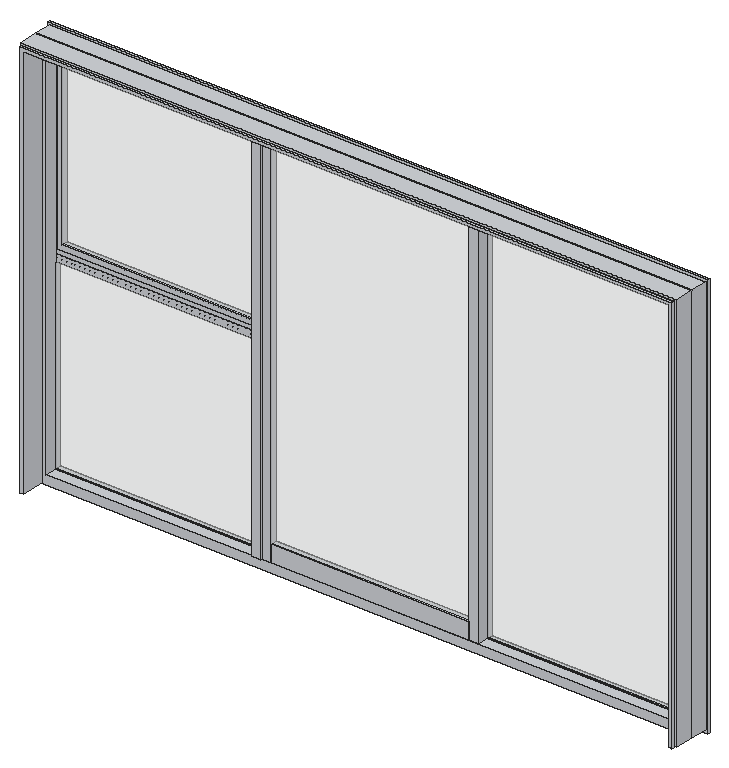
Revit family "APL Residential Thermal Heart Sliding Door FSF with Sidelight", category Doors, host Wall, Revit 2017 (continued)
Definition of nested family "APL Residential Thermal Heart Sliding Door FSF with Sidelight Vertical Section"
  Definition of nested family "Head Sash"
    Definition of nested family "65400_Frame Head"
      Lines and regions (mm)
        detail lines, in view "Ref. Level"
          curve 33: arc (24.001, 0.474, 0) -> (24.117, 0.738, 0) -> (24.403, 0.782, 0) r 0.3
          curve 34: arc (25.813, 0.268, 0) -> (25.939, 0.181, 0) -> (26.005, 0.043, 0) r 0.3
          curve 35: arc (26.005, 0.043, 0) -> (26.278, -0.199, 0) -> (26.583, 0, 0) r 0.3
          curve 36: arc (28.9, 0, 0) -> (29.254, -0.146, 0) -> (29.4, -0.5, 0) r 0.5
          curve 37: arc (29.4, -6.1, 0) -> (29.546, -6.454, 0) -> (29.9, -6.6, 0) r 0.499
          curve 38: arc (37.767, -6.6, 0) -> (38.931, -6.835, 0) -> (39.913, -7.503, 0) r 2.996
          curve 39: arc (39.913, -7.503, 0) -> (40.232, -7.73, 0) -> (40.611, -7.831, 0) r 1.1
          curve 40: arc (68.1, -8.9, 0) -> (68.241, -8.841, 0) -> (68.3, -8.7, 0) r 0.2
          curve 41: arc (68.3, -0.5, 0) -> (68.446, -0.146, 0) -> (68.8, 0, 0) r 0.5
          curve 42: arc (71.117, 0, 0) -> (71.422, -0.199, 0) -> (71.695, 0.043, 0) r 0.3
          curve 43: arc (71.695, 0.043, 0) -> (71.761, 0.181, 0) -> (71.887, 0.268, 0) r 0.3
          curve 44: arc (73.297, 0.782, 0) -> (73.583, 0.738, 0) -> (73.699, 0.474, 0) r 0.3
          curve 45: arc (73.492, -1.892, 0) -> (73.465, -1.992, 0) -> (73.405, -2.078, 0) r 0.3
          curve 46: arc (73.041, -2.441, 0) -> (72.848, -2.493, 0) -> (72.707, -2.352, 0) r 0.2
          curve 47: arc (72.662, -2.184, 0) -> (72.61, -2.095, 0) -> (72.521, -2.043, 0) r 0.2
          curve 48: arc (70.378, -1.51, 0) -> (70.036, -1.657, 0) -> (70.1, -2.024, 0) r 0.3
          curve 49: arc (70.1, -2.024, 0) -> (70.174, -2.125, 0) -> (70.2, -2.247, 0) r 0.3
          curve 50: arc (70.006, -6.25, 0) -> (70.042, -6.422, 0) -> (70.2, -6.5, 0) r 0.2
          curve 51: arc (70.721, -6.5, 0) -> (70.802, -6.489, 0) -> (70.877, -6.456, 0) r 0.3
          curve 52: arc (72.131, -5.691, 0) -> (72.137, -5.498, 0) -> (72.28, -5.367, 0) r 0.25
          curve 53: arc (72.28, -5.367, 0) -> (72.55, -5.321, 0) -> (72.7, -5.55, 0) r 0.25
          curve 54: arc (72.7, -7.124, 0) -> (72.618, -7.522, 0) -> (72.385, -7.854, 0) r 1
          curve 55: arc (72.385, -7.854, 0) -> (72.322, -8, 0) -> (72.385, -8.146, 0) r 0.2
          curve 56: arc (72.385, -8.146, 0) -> (72.618, -8.477, 0) -> (72.7, -8.874, 0) r 1
          curve 57: arc (72.7, -10.449, 0) -> (72.573, -10.668, 0) -> (72.32, -10.663, 0) r 0.25
          curve 58: arc (72.234, -10.611, 0) -> (72.128, -10.479, 0) -> (72.131, -10.309, 0) r 0.25
          curve 59: arc (70.877, -9.544, 0) -> (70.802, -9.511, 0) -> (70.721, -9.5, 0) r 0.3
          curve 60: arc (70.2, -9.5, 0) -> (70.042, -9.578, 0) -> (70.006, -9.75, 0) r 0.2
          curve 61: arc (70.2, -13.753, 0) -> (70.174, -13.876, 0) -> (70.1, -13.976, 0) r 0.3
          curve 62: arc (70.1, -13.976, 0) -> (70.02, -14.307, 0) -> (70.3, -14.5, 0) r 0.3
          curve 63: arc (72.521, -13.957, 0) -> (72.61, -13.905, 0) -> (72.662, -13.816, 0) r 0.2
          curve 64: arc (72.707, -13.648, 0) -> (72.848, -13.507, 0) -> (73.041, -13.559, 0) r 0.2
          curve 65: arc (73.405, -13.922, 0) -> (73.465, -14.008, 0) -> (73.492, -14.108, 0) r 0.3
          curve 66: arc (73.699, -16.474, 0) -> (73.583, -16.738, 0) -> (73.297, -16.782, 0) r 0.3
          curve 67: arc (71.887, -16.268, 0) -> (71.761, -16.181, 0) -> (71.695, -16.043, 0) r 0.3
          curve 68: arc (71.695, -16.043, 0) -> (71.422, -15.801, 0) -> (71.117, -16, 0) r 0.3
          curve 69: arc (66.201, -16, 0) -> (65.847, -16.146, 0) -> (65.7, -16.5, 0) r 0.5
          curve 70: arc (65.7, -25.519, 0) -> (65.922, -26.994, 0) -> (66.57, -28.337, 0) r 5
          curve 71: arc (66.57, -28.337, 0) -> (67.411, -30.083, 0) -> (67.7, -32, 0) r 6.5
          curve 72: arc (67.7, -33.1, 0) -> (67.759, -33.241, 0) -> (67.9, -33.3, 0) r 0.2
          curve 73: arc (69.3, -33.3, 0) -> (69.441, -33.241, 0) -> (69.5, -33.1, 0) r 0.2
          curve 74: arc (69.5, -32.8, 0) -> (70, -32.299, 0) -> (70.5, -32.8, 0) r 0.5
          curve 75: arc (70.5, -35.351, 0) -> (69.999, -35.85, 0) -> (69.5, -35.35, 0) r 0.5
          curve 76: arc (69.5, -34.5, 0) -> (69.441, -34.359, 0) -> (69.3, -34.3, 0) r 0.2
          curve 77: arc (67.9, -34.3, 0) -> (67.759, -34.359, 0) -> (67.7, -34.5, 0) r 0.2
          curve 78: arc (67.7, -41.8, 0) -> (67.759, -41.941, 0) -> (67.9, -42, 0) r 0.2
          curve 79: arc (69.3, -42, 0) -> (69.441, -41.941, 0) -> (69.5, -41.8, 0) r 0.2
          curve 80: arc (69.5, -40.95, 0) -> (70, -40.449, 0) -> (70.5, -40.95, 0) r 0.5
          curve 81: arc (70.5, -42.499, 0) -> (70.354, -42.853, 0) -> (70, -43, 0) r 0.5
          curve 82: arc (42.7, -43, 0) -> (42.559, -42.941, 0) -> (42.5, -42.8, 0) r 0.2
          curve 83: arc (42.5, -41.25, 0) -> (43, -40.749, 0) -> (43.5, -41.25, 0) r 0.5
          curve 84: arc (43.5, -41.8, 0) -> (43.559, -41.941, 0) -> (43.7, -42, 0) r 0.2
          curve 85: arc (44.8, -42, 0) -> (44.941, -41.941, 0) -> (45, -41.8, 0) r 0.2
          curve 86: arc (45, -36.7, 0) -> (44.941, -36.559, 0) -> (44.8, -36.5, 0) r 0.2
          curve 87: arc (43.7, -36.5, 0) -> (43.559, -36.559, 0) -> (43.5, -36.7, 0) r 0.2
          curve 88: arc (43.5, -37.25, 0) -> (43, -37.749, 0) -> (42.5, -37.25, 0) r 0.5
          curve 89: arc (42.5, -36.5, 0) -> (42.793, -35.793, 0) -> (43.5, -35.5, 0) r 1
          curve 90: arc (44.395, -35.5, 0) -> (44.539, -35.443, 0) -> (44.6, -35.3, 0) r 0.202
          curve 91: arc (44.6, -24.2, 0) -> (44.538, -24.058, 0) -> (44.395, -24, 0) r 0.205
          curve 92: arc (26.583, -24, 0) -> (26.278, -23.801, 0) -> (26.005, -24.043, 0) r 0.3
          curve 93: arc (26.005, -24.043, 0) -> (25.939, -24.181, 0) -> (25.813, -24.268, 0) r 0.3
          curve 94: arc (24.403, -24.782, 0) -> (24.117, -24.738, 0) -> (24.001, -24.474, 0) r 0.3
          curve 95: arc (24.208, -22.108, 0) -> (24.235, -22.008, 0) -> (24.295, -21.922, 0) r 0.3
          curve 96: arc (24.659, -21.559, 0) -> (24.852, -21.507, 0) -> (24.993, -21.648, 0) r 0.2
          curve 97: arc (25.038, -21.816, 0) -> (25.09, -21.905, 0) -> (25.179, -21.957, 0) r 0.2
          curve 98: arc (27.322, -22.49, 0) -> (27.664, -22.343, 0) -> (27.6, -21.976, 0) r 0.3
          curve 99: arc (27.6, -21.976, 0) -> (27.526, -21.875, 0) -> (27.5, -21.753, 0) r 0.3
          curve 100: arc (27.694, -17.75, 0) -> (27.658, -17.578, 0) -> (27.5, -17.5, 0) r 0.2
          curve 101: arc (26.979, -17.5, 0) -> (26.898, -17.511, 0) -> (26.823, -17.544, 0) r 0.3
          curve 102: arc (25.569, -18.309, 0) -> (25.563, -18.502, 0) -> (25.42, -18.633, 0) r 0.25
          curve 103: arc (25.42, -18.633, 0) -> (25.15, -18.679, 0) -> (25, -18.45, 0) r 0.25
          curve 104: arc (25, -16.874, 0) -> (25.128, -16.385, 0) -> (25.479, -16.021, 0) r 1
          curve 105: line (46.1, -35.48, 0) -> (46.1, -24.2, 0)
          curve 106: line (44.4, -22.5, 0) -> (29.9, -22.5, 0)
          curve 107: line (29.4, -22, 0) -> (29.4, -8.901, 0)
          curve 108: line (29.9, -8.4, 0) -> (36.605, -8.4, 0)
          curve 109: line (39.189, -9.621, 0) -> (53.629, -10.8, 0)
          curve 110: line (53.629, -10.8, 0) -> (62.286, -10.8, 0)
          curve 111: line (64.2, -16.467, 0) -> (64.2, -25.517, 0)
          curve 112: line (66.2, -32, 0) -> (66.2, -41.1, 0)
          curve 113: line (65.7, -41.6, 0) -> (47, -41.6, 0)
          curve 114: line (46.5, -41.1, 0) -> (46.5, -36.5, 0)
          curve 115: line (27.317, -8.501, 0) -> (24.183, -8.227, 0)
          curve 116: line (24, -8.027, 0) -> (24, -6.776, 0)
          curve 117: line (24, -6.776, 0) -> (24.399, -5.679, 0)
          curve 118: line (25.569, -5.691, 0) -> (26.823, -6.456, 0)
          curve 119: line (26.979, -6.5, 0) -> (27.5, -6.5, 0)
          curve 120: line (27.694, -6.25, 0) -> (27.5, -5.5, 0)
          curve 121: line (27.5, -5.475, 0) -> (27.5, -2.247, 0)
          curve 122: line (27.312, -1.472, 0) -> (25.179, -2.043, 0)
          curve 123: line (25.038, -2.184, 0) -> (24.993, -2.352, 0)
          curve 124: line (24.659, -2.441, 0) -> (24.295, -2.078, 0)
          curve 125: line (24.208, -1.892, 0) -> (24.001, 0.474, 0)
          curve 126: line (24.403, 0.782, 0) -> (25.813, 0.268, 0)
          curve 127: line (26.583, 0, 0) -> (28.9, 0, 0)
          curve 128: line (29.4, -0.5, 0) -> (29.4, -6.1, 0)
          curve 129: line (29.9, -6.6, 0) -> (33.5, -6.6, 0)
          curve 130: line (33.5, -6.6, 0) -> (33.9, -7, 0)
          curve 131: line (33.9, -7, 0) -> (34.3, -6.6, 0)
          curve 132: line (34.3, -6.6, 0) -> (37.767, -6.6, 0)
          curve 133: line (40.611, -7.831, 0) -> (53.707, -8.9, 0)
          curve 134: line (53.707, -8.9, 0) -> (58.307, -8.9, 0)
          curve 135: line (58.307, -8.9, 0) -> (58.707, -9.3, 0)
          curve 136: line (58.707, -9.3, 0) -> (59.107, -8.9, 0)
          curve 137: line (59.107, -8.9, 0) -> (68.1, -8.9, 0)
          curve 138: line (68.3, -8.7, 0) -> (68.3, -0.5, 0)
          curve 139: line (68.8, 0, 0) -> (71.117, 0, 0)
          curve 140: line (71.887, 0.268, 0) -> (73.297, 0.782, 0)
          curve 141: line (73.699, 0.474, 0) -> (73.492, -1.892, 0)
          curve 142: line (73.405, -2.078, 0) -> (73.041, -2.441, 0)
          curve 143: line (72.707, -2.352, 0) -> (72.662, -2.184, 0)
          curve 144: line (72.521, -2.043, 0) -> (70.388, -1.472, 0)
          curve 145: line (70.2, -2.247, 0) -> (70.2, -5.475, 0)
          curve 146: line (70.2, -5.5, 0) -> (70.006, -6.25, 0)
          curve 147: line (70.2, -6.5, 0) -> (70.721, -6.5, 0)
          curve 148: line (70.877, -6.456, 0) -> (72.131, -5.691, 0)
          curve 149: line (72.7, -5.55, 0) -> (72.7, -7.124, 0)
          curve 150: line (72.7, -8.874, 0) -> (72.7, -10.449, 0)
          curve 151: line (72.131, -10.309, 0) -> (70.877, -9.544, 0)
          curve 152: line (70.721, -9.5, 0) -> (70.2, -9.5, 0)
          curve 153: line (70.006, -9.75, 0) -> (70.2, -10.5, 0)
          curve 154: line (70.2, -10.525, 0) -> (70.2, -13.753, 0)
          curve 155: line (70.532, -14.49, 0) -> (72.521, -13.957, 0)
          curve 156: line (72.662, -13.816, 0) -> (72.707, -13.648, 0)
          curve 157: line (73.041, -13.559, 0) -> (73.405, -13.922, 0)
          curve 158: line (73.492, -14.108, 0) -> (73.699, -16.474, 0)
          curve 159: line (73.297, -16.782, 0) -> (71.887, -16.268, 0)
          curve 160: line (71.117, -16, 0) -> (66.201, -16, 0)
          curve 161: line (65.7, -16.5, 0) -> (65.7, -25.519, 0)
          curve 162: line (67.7, -32, 0) -> (67.7, -33.1, 0)
          curve 163: line (67.9, -33.3, 0) -> (69.3, -33.3, 0)
          curve 164: line (69.5, -33.1, 0) -> (69.5, -32.8, 0)
          curve 165: line (70.5, -32.8, 0) -> (70.5, -35.351, 0)
          curve 166: line (69.5, -35.35, 0) -> (69.5, -34.5, 0)
          curve 167: line (69.3, -34.3, 0) -> (67.9, -34.3, 0)
          curve 168: line (67.7, -34.5, 0) -> (67.7, -41.8, 0)
          curve 169: line (67.9, -42, 0) -> (69.3, -42, 0)
          curve 170: line (69.5, -41.8, 0) -> (69.5, -40.95, 0)
          curve 171: line (70.5, -40.95, 0) -> (70.5, -42.499, 0)
          curve 172: line (70, -43, 0) -> (42.7, -43, 0)
          curve 173: line (42.5, -42.8, 0) -> (42.5, -41.25, 0)
          curve 174: line (43.5, -41.25, 0) -> (43.5, -41.8, 0)
          curve 175: line (43.7, -42, 0) -> (44.8, -42, 0)
          curve 176: line (45, -41.8, 0) -> (45, -36.7, 0)
          curve 177: line (44.8, -36.5, 0) -> (43.7, -36.5, 0)
          curve 178: line (43.5, -36.7, 0) -> (43.5, -37.25, 0)
          curve 179: line (42.5, -37.25, 0) -> (42.5, -36.5, 0)
          curve 180: line (43.5, -35.5, 0) -> (44.395, -35.5, 0)
          curve 181: line (44.6, -35.3, 0) -> (44.6, -24.2, 0)
          curve 182: line (44.395, -24, 0) -> (34.3, -24, 0)
          curve 183: line (34.3, -24, 0) -> (33.9, -23.6, 0)
          curve 184: line (33.9, -23.6, 0) -> (33.5, -24, 0)
          curve 185: line (33.5, -24, 0) -> (26.583, -24, 0)
          curve 186: line (25.813, -24.268, 0) -> (24.403, -24.782, 0)
          curve 187: line (24.001, -24.474, 0) -> (24.208, -22.108, 0)
          curve 188: line (24.295, -21.922, 0) -> (24.659, -21.559, 0)
          curve 189: line (24.993, -21.648, 0) -> (25.038, -21.816, 0)
          curve 190: line (25.179, -21.957, 0) -> (27.312, -22.528, 0)
          curve 191: line (27.5, -21.753, 0) -> (27.5, -18.525, 0)
          curve 192: line (27.5, -18.5, 0) -> (27.694, -17.75, 0)
          curve 193: line (27.5, -17.5, 0) -> (26.979, -17.5, 0)
          curve 194: line (26.823, -17.544, 0) -> (25.569, -18.309, 0)
          curve 195: line (25, -18.45, 0) -> (25, -16.874, 0)
          curve 196: line (25.479, -16.021, 0) -> (26.284, -15.529, 0)
          curve 197: line (26.389, -15.5, 0) -> (27.5, -15.5, 0)
          curve 198: line (27.5, -15.5, 0) -> (27.5, -8.7, 0)
          curve 199: arc (27.5, -8.7, 0) -> (27.447, -8.565, 0) -> (27.317, -8.501, 0) r 0.2
          curve 200: arc (70.2, -10.4, 0) -> (70.317, -10.117, 0) -> (70.6, -10, 0) r 0.4
          curve 201: arc (70.893, -10, 0) -> (70.996, -10.014, 0) -> (71.093, -10.054, 0) r 0.4
          curve 202: arc (72.621, -10.939, 0) -> (72.911, -11.059, 0) -> (73.222, -11.1, 0) r 1.2
          curve 203: arc (74.145, -11.1, 0) -> (74.718, -11.281, 0) -> (75.084, -11.758, 0) r 1
          curve 204: arc (75.877, -13.937, 0) -> (76.024, -14.128, 0) -> (76.253, -14.2, 0) r 0.4
          curve 205: arc (78.947, -14.2, 0) -> (79.176, -14.128, 0) -> (79.323, -13.937, 0) r 0.4
          curve 206: arc (80.116, -11.758, 0) -> (80.482, -11.281, 0) -> (81.055, -11.1, 0) r 1
          curve 207: arc (81.978, -11.1, 0) -> (82.289, -11.059, 0) -> (82.579, -10.939, 0) r 1.2
          curve 208: arc (84.107, -10.054, 0) -> (84.204, -10.014, 0) -> (84.307, -10, 0) r 0.4
          curve 209: arc (84.6, -10, 0) -> (84.883, -10.117, 0) -> (85, -10.4, 0) r 0.4
          curve 210: arc (85, -13.8, 0) -> (84.883, -14.083, 0) -> (84.6, -14.2, 0) r 0.4
          curve 211: arc (84.307, -14.2, 0) -> (84.204, -14.186, 0) -> (84.107, -14.146, 0) r 0.4
          curve 212: arc (82.579, -13.262, 0) -> (82.285, -13.14, 0) -> (81.97, -13.1, 0) r 1.2
          curve 213: arc (81.97, -13.1, 0) -> (81.795, -13.153, 0) -> (81.684, -13.297, 0) r 0.3
          curve 214: arc (80.796, -15.737, 0) -> (80.649, -15.928, 0) -> (80.42, -16, 0) r 0.4
          curve 215: arc (74.78, -16, 0) -> (74.551, -15.928, 0) -> (74.404, -15.737, 0) r 0.4
          curve 216: arc (73.516, -13.297, 0) -> (73.405, -13.153, 0) -> (73.23, -13.1, 0) r 0.3
          curve 217: arc (73.23, -13.1, 0) -> (72.915, -13.14, 0) -> (72.621, -13.262, 0) r 1.2
          curve 218: arc (71.093, -14.146, 0) -> (70.996, -14.186, 0) -> (70.893, -14.2, 0) r 0.4
          curve 219: arc (70.6, -14.2, 0) -> (70.317, -14.083, 0) -> (70.2, -13.8, 0) r 0.4
          curve 220: line (70.6, -10, 0) -> (70.893, -10, 0)
          curve 221: line (71.093, -10.054, 0) -> (72.621, -10.939, 0)
          curve 222: line (73.222, -11.1, 0) -> (74.145, -11.1, 0)
          curve 223: line (75.084, -11.758, 0) -> (75.877, -13.937, 0)
          curve 224: line (76.253, -14.2, 0) -> (78.947, -14.2, 0)
          curve 225: line (79.323, -13.937, 0) -> (80.116, -11.758, 0)
          curve 226: line (81.055, -11.1, 0) -> (81.978, -11.1, 0)
          curve 227: line (82.579, -10.939, 0) -> (84.107, -10.054, 0)
          curve 228: line (84.307, -10, 0) -> (84.6, -10, 0)
          curve 229: line (85, -10.4, 0) -> (85, -13.8, 0)
          curve 230: line (84.6, -14.2, 0) -> (84.307, -14.2, 0)
          curve 231: line (84.107, -14.146, 0) -> (82.579, -13.262, 0)
          curve 232: line (81.684, -13.297, 0) -> (80.796, -15.737, 0)
          curve 233: line (80.42, -16, 0) -> (74.78, -16, 0)
          curve 234: line (74.404, -15.737, 0) -> (73.516, -13.297, 0)
          curve 235: line (72.621, -13.262, 0) -> (71.093, -14.146, 0)
          curve 236: line (70.893, -14.2, 0) -> (70.6, -14.2, 0)
          curve 237: line (70.2, -13.8, 0) -> (70.2, -10.4, 0)
          curve 238: arc (70.2, -5.6, 0) -> (70.317, -5.883, 0) -> (70.6, -6, 0) r 0.4
          curve 239: arc (70.893, -6, 0) -> (70.996, -5.986, 0) -> (71.093, -5.946, 0) r 0.4
          curve 240: arc (72.621, -5.061, 0) -> (72.911, -4.941, 0) -> (73.222, -4.9, 0) r 1.2
          curve 241: arc (74.145, -4.9, 0) -> (74.718, -4.719, 0) -> (75.084, -4.242, 0) r 1
          curve 242: arc (75.877, -2.063, 0) -> (76.024, -1.872, 0) -> (76.253, -1.8, 0) r 0.4
          curve 243: arc (78.947, -1.8, 0) -> (79.176, -1.872, 0) -> (79.323, -2.063, 0) r 0.4
          curve 244: arc (80.116, -4.242, 0) -> (80.482, -4.719, 0) -> (81.055, -4.9, 0) r 1
          curve 245: arc (81.978, -4.9, 0) -> (82.289, -4.941, 0) -> (82.579, -5.061, 0) r 1.2
          curve 246: arc (84.107, -5.946, 0) -> (84.204, -5.986, 0) -> (84.307, -6, 0) r 0.4
          curve 247: arc (84.6, -6, 0) -> (84.883, -5.883, 0) -> (85, -5.6, 0) r 0.4
          curve 248: arc (85, -2.2, 0) -> (84.883, -1.917, 0) -> (84.6, -1.8, 0) r 0.4
          curve 249: arc (84.307, -1.8, 0) -> (84.204, -1.814, 0) -> (84.107, -1.854, 0) r 0.4
          curve 250: arc (82.579, -2.739, 0) -> (82.285, -2.86, 0) -> (81.97, -2.9, 0) r 1.2
          curve 251: arc (81.97, -2.9, 0) -> (81.795, -2.847, 0) -> (81.684, -2.703, 0) r 0.3
          curve 252: arc (80.796, -0.263, 0) -> (80.649, -0.072, 0) -> (80.42, 0, 0) r 0.4
          curve 253: arc (74.78, 0, 0) -> (74.551, -0.072, 0) -> (74.404, -0.263, 0) r 0.4
          curve 254: arc (73.516, -2.703, 0) -> (73.405, -2.847, 0) -> (73.23, -2.9, 0) r 0.3
          curve 255: arc (73.23, -2.9, 0) -> (72.915, -2.86, 0) -> (72.621, -2.739, 0) r 1.2
          curve 256: arc (71.093, -1.854, 0) -> (70.996, -1.814, 0) -> (70.893, -1.8, 0) r 0.4
          curve 257: arc (70.6, -1.8, 0) -> (70.317, -1.917, 0) -> (70.2, -2.2, 0) r 0.4
          curve 258: line (70.6, -6, 0) -> (70.893, -6, 0)
          curve 259: line (71.093, -5.946, 0) -> (72.621, -5.061, 0)
          curve 260: line (73.222, -4.9, 0) -> (74.145, -4.9, 0)
          curve 261: line (75.084, -4.242, 0) -> (75.877, -2.063, 0)
          curve 262: line (76.253, -1.8, 0) -> (78.947, -1.8, 0)
          curve 263: line (79.323, -2.063, 0) -> (80.116, -4.242, 0)
          curve 264: line (81.055, -4.9, 0) -> (81.978, -4.9, 0)
          curve 265: line (82.579, -5.061, 0) -> (84.107, -5.946, 0)
          curve 266: line (84.307, -6, 0) -> (84.6, -6, 0)
          curve 267: line (85, -5.6, 0) -> (85, -2.2, 0)
          curve 268: line (84.6, -1.8, 0) -> (84.307, -1.8, 0)
          curve 269: line (84.107, -1.854, 0) -> (82.579, -2.739, 0)
          curve 270: line (81.684, -2.703, 0) -> (80.796, -0.263, 0)
          curve 271: line (80.42, 0, 0) -> (74.78, 0, 0)
          curve 272: line (74.404, -0.263, 0) -> (73.516, -2.703, 0)
          curve 273: line (72.621, -2.739, 0) -> (71.093, -1.854, 0)
          curve 274: line (70.893, -1.8, 0) -> (70.6, -1.8, 0)
          curve 275: line (70.2, -2.2, 0) -> (70.2, -5.6, 0)
          curve 276: arc (113.4, -35.877, 0) -> (113.327, -35.95, 0) -> (113.3, -36.05, 0) r 0.2
          curve 277: arc (113.3, -40.25, 0) -> (113.327, -40.35, 0) -> (113.4, -40.423, 0) r 0.2
          curve 278: arc (113.4, -40.423, 0) -> (113.473, -40.496, 0) -> (113.5, -40.596, 0) r 0.2
          curve 279: arc (113.5, -41.8, 0) -> (113.441, -41.941, 0) -> (113.3, -42, 0) r 0.2
          curve 280: arc (111.701, -42, 0) -> (111.559, -41.942, 0) -> (111.5, -41.8, 0) r 0.2
          curve 281: arc (111.5, -40.95, 0) -> (111, -40.451, 0) -> (110.5, -40.95, 0) r 0.5
          curve 282: arc (110.5, -42.5, 0) -> (110.646, -42.854, 0) -> (111, -43, 0) r 0.499
          curve 283: arc (114.5, -43, 0) -> (114.847, -42.847, 0) -> (115, -42.5, 0) r 0.523
          curve 284: arc (115, -21.5, 0) -> (114.856, -21.144, 0) -> (114.5, -21, 0) r 0.493
          curve 285: arc (111.7, -21, 0) -> (111.558, -20.942, 0) -> (111.5, -20.8, 0) r 0.199
          curve 286: arc (111.5, -13.199, 0) -> (110.852, -11.559, 0) -> (109.258, -10.805, 0) r 2.399
          curve 287: arc (109.258, -10.805, 0) -> (108.878, -10.588, 0) -> (108.814, -10.156, 0) r 0.5
          curve 288: arc (108.814, -10.156, 0) -> (109, -8.953, 0) -> (108.816, -7.75, 0) r 4
          curve 289: arc (108.816, -7.75, 0) -> (108.89, -7.304, 0) -> (109.293, -7.1, 0) r 0.5
          curve 290: arc (109.5, -7.1, 0) -> (110.914, -6.514, 0) -> (111.5, -5.1, 0) r 2.001
          curve 291: arc (120.75, -1.5, 0) -> (121.501, -0.747, 0) -> (120.745, 0, 0) r 0.75
          curve 292: arc (111.5, 0, 0) -> (110.439, -0.439, 0) -> (110, -1.5, 0) r 1.5
          curve 293: arc (110, -5, 0) -> (109.941, -5.141, 0) -> (109.8, -5.2, 0) r 0.2
          curve 294: arc (100.5, -5.2, 0) -> (100.146, -5.346, 0) -> (100, -5.7, 0) r 0.5
          curve 295: arc (100, -6.2, 0) -> (100.146, -6.554, 0) -> (100.5, -6.7, 0) r 0.5
          curve 296: arc (101.927, -6.7, 0) -> (102.266, -6.833, 0) -> (102.426, -7.16, 0) r 0.5
          curve 297: arc (102.426, -7.16, 0) -> (102.912, -7.803, 0) -> (103.7, -7.634, 0) r 0.75
          curve 298: arc (103.7, -7.634, 0) -> (105, -7.1, 0) -> (106.3, -7.634, 0) r 1.85
          curve 299: arc (106.3, -7.634, 0) -> (106.442, -7.744, 0) -> (106.607, -7.817, 0) r 0.75
          curve 300: arc (106.607, -7.817, 0) -> (106.791, -7.92, 0) -> (106.916, -8.09, 0) r 0.5
          curve 301: arc (106.916, -8.09, 0) -> (107.1, -8.95, 0) -> (106.916, -9.81, 0) r 2.1
          curve 302: arc (106.916, -9.81, 0) -> (106.791, -9.98, 0) -> (106.607, -10.083, 0) r 0.5
          curve 303: arc (106.607, -10.083, 0) -> (106.442, -10.156, 0) -> (106.3, -10.266, 0) r 0.75
          curve 304: arc (106.3, -10.266, 0) -> (105, -10.8, 0) -> (103.7, -10.266, 0) r 1.85
          curve 305: arc (103.7, -10.266, 0) -> (103.027, -10.064, 0) -> (102.482, -10.509, 0) r 0.75
          curve 306: arc (102.482, -10.509, 0) -> (102.32, -10.716, 0) -> (102.075, -10.812, 0) r 0.5
          curve 307: arc (102.075, -10.812, 0) -> (101.154, -11.14, 0) -> (100.481, -11.85, 0) r 2.1
          curve 308: arc (100.481, -11.85, 0) -> (100.298, -12.033, 0) -> (100.048, -12.1, 0) r 0.5
          curve 309: arc (91.556, -12.1, 0) -> (91.287, -12.022, 0) -> (91.103, -11.812, 0) r 0.5
          curve 310: arc (91.103, -11.812, 0) -> (90.328, -10.929, 0) -> (89.2, -10.6, 0) r 2.1
          curve 311: arc (87.9, -10.6, 0) -> (87.193, -10.307, 0) -> (86.9, -9.6, 0) r 1
          curve 312: arc (86.9, -0.5, 0) -> (86.754, -0.146, 0) -> (86.4, 0, 0) r 0.5
          curve 313: arc (84.083, 0, 0) -> (83.778, -0.199, 0) -> (83.505, 0.043, 0) r 0.3
          curve 314: arc (83.505, 0.043, 0) -> (83.439, 0.181, 0) -> (83.313, 0.268, 0) r 0.3
          curve 315: arc (81.903, 0.782, 0) -> (81.617, 0.738, 0) -> (81.501, 0.474, 0) r 0.3
          curve 316: arc (81.708, -1.892, 0) -> (81.735, -1.992, 0) -> (81.795, -2.078, 0) r 0.3
          curve 317: arc (82.159, -2.441, 0) -> (82.352, -2.493, 0) -> (82.493, -2.352, 0) r 0.2
          curve 318: arc (82.538, -2.184, 0) -> (82.59, -2.095, 0) -> (82.679, -2.043, 0) r 0.2
          curve 319: arc (84.822, -1.51, 0) -> (85.164, -1.657, 0) -> (85.1, -2.024, 0) r 0.3
          curve 320: arc (85.1, -2.024, 0) -> (85.026, -2.125, 0) -> (85, -2.247, 0) r 0.3
          curve 321: arc (85.194, -6.25, 0) -> (85.158, -6.422, 0) -> (85, -6.5, 0) r 0.2
          curve 322: arc (84.479, -6.5, 0) -> (84.398, -6.489, 0) -> (84.323, -6.456, 0) r 0.3
          curve 323: arc (83.069, -5.691, 0) -> (83.063, -5.498, 0) -> (82.92, -5.367, 0) r 0.25
          curve 324: arc (82.92, -5.367, 0) -> (82.65, -5.321, 0) -> (82.5, -5.55, 0) r 0.25
          curve 325: arc (82.5, -7.126, 0) -> (82.582, -7.523, 0) -> (82.815, -7.854, 0) r 1
          curve 326: arc (82.815, -7.854, 0) -> (82.878, -8, 0) -> (82.815, -8.146, 0) r 0.2
          curve 327: arc (82.815, -8.146, 0) -> (82.582, -8.477, 0) -> (82.5, -8.874, 0) r 1
          curve 328: arc (82.5, -10.45, 0) -> (82.628, -10.668, 0) -> (82.88, -10.663, 0) r 0.25
          curve 329: arc (82.966, -10.611, 0) -> (83.072, -10.479, 0) -> (83.069, -10.309, 0) r 0.25
          curve 330: arc (84.323, -9.544, 0) -> (84.398, -9.511, 0) -> (84.479, -9.5, 0) r 0.3
          curve 331: arc (85, -9.5, 0) -> (85.158, -9.577, 0) -> (85.194, -9.75, 0) r 0.2
          curve 332: arc (85, -13.753, 0) -> (85.026, -13.875, 0) -> (85.1, -13.976, 0) r 0.3
          curve 333: arc (85.1, -13.976, 0) -> (85.164, -14.343, 0) -> (84.822, -14.49, 0) r 0.3
          curve 334: arc (82.679, -13.957, 0) -> (82.59, -13.905, 0) -> (82.538, -13.816, 0) r 0.2
          curve 335: arc (82.493, -13.648, 0) -> (82.352, -13.507, 0) -> (82.159, -13.559, 0) r 0.2
          curve 336: arc (81.795, -13.922, 0) -> (81.735, -14.008, 0) -> (81.708, -14.108, 0) r 0.3
          curve 337: arc (81.501, -16.474, 0) -> (81.617, -16.738, 0) -> (81.903, -16.782, 0) r 0.3
          curve 338: arc (83.313, -16.268, 0) -> (83.439, -16.181, 0) -> (83.505, -16.043, 0) r 0.3
          curve 339: arc (83.505, -16.043, 0) -> (83.778, -15.801, 0) -> (84.083, -16, 0) r 0.3
          curve 340: arc (86.7, -16, 0) -> (86.841, -15.941, 0) -> (86.9, -15.8, 0) r 0.2
          curve 341: arc (86.9, -12.7, 0) -> (86.959, -12.559, 0) -> (87.1, -12.5, 0) r 0.2
          curve 342: arc (89.2, -12.5, 0) -> (89.341, -12.559, 0) -> (89.4, -12.7, 0) r 0.2
          curve 343: arc (89.4, -13.8, 0) -> (89.459, -13.941, 0) -> (89.6, -14, 0) r 0.2
          curve 344: arc (101.9, -14, 0) -> (102.042, -13.941, 0) -> (102.1, -13.8, 0) r 0.2
          curve 345: arc (102.1, -12.9, 0) -> (102.159, -12.759, 0) -> (102.3, -12.7, 0) r 0.2
          curve 346: arc (109.1, -12.7, 0) -> (109.454, -12.846, 0) -> (109.6, -13.2, 0) r 0.5
          curve 347: arc (109.6, -14.5, 0) -> (109.541, -14.641, 0) -> (109.4, -14.7, 0) r 0.2
          curve 348: arc (107.3, -14.7, 0) -> (107.159, -14.759, 0) -> (107.1, -14.9, 0) r 0.2
          curve 349: arc (107.1, -15.8, 0) -> (107.159, -15.941, 0) -> (107.3, -16, 0) r 0.2
          curve 350: arc (109.5, -16, 0) -> (109.854, -16.146, 0) -> (110, -16.5, 0) r 0.5
          curve 351: arc (110, -22.8, 0) -> (110.146, -23.154, 0) -> (110.5, -23.3, 0) r 0.5
          curve 352: arc (111.3, -23.3, 0) -> (111.441, -23.241, 0) -> (111.5, -23.1, 0) r 0.2
          curve 353: arc (113.3, -22.3, 0) -> (113.441, -22.359, 0) -> (113.5, -22.5, 0) r 0.2
          curve 354: arc (113.5, -27.4, 0) -> (113.1, -27.8, 0) -> (113.5, -28.2, 0) r 0.4
          curve 355: arc (113.5, -33.1, 0) -> (113.441, -33.241, 0) -> (113.3, -33.3, 0) r 0.2
          curve 356: arc (111.5, -32.7, 0) -> (111.383, -32.417, 0) -> (111.1, -32.3, 0) r 0.4
          curve 357: arc (111, -32.3, 0) -> (110.646, -32.447, 0) -> (110.5, -32.8, 0) r 0.5
          curve 358: arc (110.5, -35.35, 0) -> (111, -35.85, 0) -> (111.5, -35.35, 0) r 0.5
          curve 359: arc (111.5, -34.5, 0) -> (111.559, -34.359, 0) -> (111.7, -34.3, 0) r 0.2
          curve 360: arc (113.3, -34.3, 0) -> (113.441, -34.359, 0) -> (113.5, -34.5, 0) r 0.2
          curve 361: line (113.3, -36.05, 0) -> (113.3, -40.25, 0)
          curve 362: line (113.5, -40.596, 0) -> (113.5, -41.8, 0)
          curve 363: line (113.3, -42, 0) -> (111.701, -42, 0)
          curve 364: line (111.5, -41.8, 0) -> (111.5, -40.95, 0)
          curve 365: line (110.5, -40.95, 0) -> (110.5, -42.5, 0)
          curve 366: line (111, -43, 0) -> (114.5, -43, 0)
          curve 367: line (115, -42.5, 0) -> (115, -21.5, 0)
          curve 368: line (114.5, -21, 0) -> (111.7, -21, 0)
          curve 369: line (111.5, -20.8, 0) -> (111.5, -13.199, 0)
          curve 370: line (109.293, -7.1, 0) -> (109.5, -7.1, 0)
          curve 371: line (111.5, -5.1, 0) -> (111.5, -1.5, 0)
          curve 372: line (111.5, -1.5, 0) -> (120.75, -1.5, 0)
          curve 373: line (120.745, 0, 0) -> (119, 0, 0)
          curve 374: line (119, 0, 0) -> (118.6, -0.4, 0)
          curve 375: line (118.6, -0.4, 0) -> (112.3, -0.4, 0)
          curve 376: line (112.3, -0.4, 0) -> (111.9, 0, 0)
          curve 377: line (111.9, 0, 0) -> (111.5, 0, 0)
          curve 378: line (110, -1.5, 0) -> (110, -5, 0)
          curve 379: line (109.8, -5.2, 0) -> (100.5, -5.2, 0)
          curve 380: line (100, -5.7, 0) -> (100, -6.2, 0)
          curve 381: line (100.5, -6.7, 0) -> (101.927, -6.7, 0)
          curve 382: line (100.048, -12.1, 0) -> (91.556, -12.1, 0)
          curve 383: line (89.2, -10.6, 0) -> (87.9, -10.6, 0)
          curve 384: line (86.9, -9.6, 0) -> (86.9, -0.5, 0)
          curve 385: line (86.4, 0, 0) -> (84.083, 0, 0)
          curve 386: line (83.313, 0.268, 0) -> (81.903, 0.782, 0)
          curve 387: line (81.501, 0.474, 0) -> (81.708, -1.892, 0)
          curve 388: line (81.795, -2.078, 0) -> (82.159, -2.441, 0)
          curve 389: line (82.493, -2.352, 0) -> (82.538, -2.184, 0)
          curve 390: line (82.679, -2.043, 0) -> (84.812, -1.472, 0)
          curve 391: line (85, -2.247, 0) -> (85, -5.475, 0)
          curve 392: line (85, -5.5, 0) -> (85.194, -6.25, 0)
          curve 393: line (85, -6.5, 0) -> (84.479, -6.5, 0)
          curve 394: line (84.323, -6.456, 0) -> (83.069, -5.691, 0)
          curve 395: line (82.5, -5.55, 0) -> (82.5, -7.126, 0)
          curve 396: line (82.5, -8.874, 0) -> (82.5, -10.45, 0)
          curve 397: line (83.069, -10.309, 0) -> (84.323, -9.544, 0)
          curve 398: line (84.479, -9.5, 0) -> (85, -9.5, 0)
          curve 399: line (85.194, -9.75, 0) -> (85, -10.5, 0)
          curve 400: line (85, -10.525, 0) -> (85, -13.752, 0)
          curve 401: line (84.812, -14.528, 0) -> (82.679, -13.957, 0)
          curve 402: line (82.538, -13.816, 0) -> (82.493, -13.648, 0)
          curve 403: line (82.159, -13.559, 0) -> (81.795, -13.922, 0)
          curve 404: line (81.708, -14.108, 0) -> (81.501, -16.474, 0)
          curve 405: line (81.903, -16.782, 0) -> (83.313, -16.268, 0)
          curve 406: line (84.083, -16, 0) -> (86.7, -16, 0)
          curve 407: line (86.9, -15.8, 0) -> (86.9, -12.7, 0)
          curve 408: line (87.1, -12.5, 0) -> (89.2, -12.5, 0)
          curve 409: line (89.4, -12.7, 0) -> (89.4, -13.8, 0)
          curve 410: line (89.6, -14, 0) -> (95.4, -14, 0)
          curve 411: line (95.4, -14, 0) -> (95.8, -13.6, 0)
          curve 412: line (95.8, -13.6, 0) -> (96.2, -14, 0)
          curve 413: line (96.2, -14, 0) -> (101.9, -14, 0)
          curve 414: line (102.1, -13.8, 0) -> (102.1, -12.9, 0)
          curve 415: line (102.3, -12.7, 0) -> (109.1, -12.7, 0)
          curve 416: line (109.6, -13.2, 0) -> (109.6, -14.5, 0)
          curve 417: line (109.4, -14.7, 0) -> (107.3, -14.7, 0)
          curve 418: line (107.1, -14.9, 0) -> (107.1, -15.8, 0)
          curve 419: line (107.3, -16, 0) -> (109.5, -16, 0)
          curve 420: line (110, -16.5, 0) -> (110, -22.8, 0)
          curve 421: line (110.5, -23.3, 0) -> (111.3, -23.3, 0)
          curve 422: line (111.5, -23.1, 0) -> (111.5, -22.3, 0)
          curve 423: line (111.5, -22.3, 0) -> (113.3, -22.3, 0)
          curve 424: line (113.5, -22.5, 0) -> (113.5, -27.4, 0)
          curve 425: line (113.5, -28.2, 0) -> (113.5, -33.1, 0)
          curve 426: line (113.3, -33.3, 0) -> (111.5, -33.3, 0)
          curve 427: line (111.5, -33.3, 0) -> (111.5, -32.7, 0)
          curve 428: line (110.5, -32.8, 0) -> (110.5, -35.35, 0)
          curve 429: line (111.5, -35.35, 0) -> (111.5, -34.5, 0)
          curve 430: line (111.7, -34.3, 0) -> (113.3, -34.3, 0)
          curve 431: line (113.5, -34.5, 0) -> (113.5, -35.704, 0)
          curve 432: arc (113.5, -35.704, 0) -> (113.473, -35.804, 0) -> (113.4, -35.877, 0) r 0.2
          curve 433: arc (12.7, -18.4, 0) -> (12.817, -18.117, 0) -> (13.1, -18, 0) r 0.4
          curve 434: arc (13.393, -18, 0) -> (13.496, -18.014, 0) -> (13.593, -18.054, 0) r 0.4
          curve 435: arc (15.121, -18.939, 0) -> (15.411, -19.059, 0) -> (15.722, -19.1, 0) r 1.2
          curve 436: arc (16.645, -19.1, 0) -> (17.218, -19.281, 0) -> (17.584, -19.758, 0) r 1
          curve 437: arc (18.377, -21.937, 0) -> (18.524, -22.128, 0) -> (18.753, -22.2, 0) r 0.4
          curve 438: arc (21.447, -22.2, 0) -> (21.676, -22.128, 0) -> (21.823, -21.937, 0) r 0.4
          curve 439: arc (22.616, -19.758, 0) -> (22.982, -19.281, 0) -> (23.555, -19.1, 0) r 1
          curve 440: arc (24.478, -19.1, 0) -> (24.789, -19.059, 0) -> (25.079, -18.939, 0) r 1.2
          curve 441: arc (26.607, -18.054, 0) -> (26.704, -18.014, 0) -> (26.807, -18, 0) r 0.4
          curve 442: arc (27.1, -18, 0) -> (27.383, -18.117, 0) -> (27.5, -18.4, 0) r 0.4
          curve 443: arc (27.5, -21.8, 0) -> (27.383, -22.083, 0) -> (27.1, -22.2, 0) r 0.4
          curve 444: arc (26.807, -22.2, 0) -> (26.704, -22.186, 0) -> (26.607, -22.146, 0) r 0.4
          curve 445: arc (25.079, -21.261, 0) -> (24.785, -21.14, 0) -> (24.47, -21.1, 0) r 1.2
          curve 446: arc (24.47, -21.1, 0) -> (24.295, -21.153, 0) -> (24.184, -21.297, 0) r 0.3
          curve 447: arc (23.296, -23.737, 0) -> (23.149, -23.928, 0) -> (22.92, -24, 0) r 0.4
          curve 448: arc (17.28, -24, 0) -> (17.051, -23.928, 0) -> (16.904, -23.737, 0) r 0.4
          curve 449: arc (16.016, -21.297, 0) -> (15.905, -21.153, 0) -> (15.73, -21.1, 0) r 0.3
          curve 450: arc (15.73, -21.1, 0) -> (15.415, -21.14, 0) -> (15.121, -21.261, 0) r 1.2
          curve 451: arc (13.593, -22.146, 0) -> (13.496, -22.186, 0) -> (13.393, -22.2, 0) r 0.4
          curve 452: arc (13.1, -22.2, 0) -> (12.817, -22.083, 0) -> (12.7, -21.8, 0) r 0.4
          curve 453: line (13.1, -18, 0) -> (13.393, -18, 0)
          curve 454: line (13.593, -18.054, 0) -> (15.121, -18.939, 0)
          curve 455: line (15.722, -19.1, 0) -> (16.645, -19.1, 0)
          curve 456: line (17.584, -19.758, 0) -> (18.377, -21.937, 0)
          curve 457: line (18.753, -22.2, 0) -> (21.447, -22.2, 0)
          curve 458: line (21.823, -21.937, 0) -> (22.616, -19.758, 0)
          curve 459: line (23.555, -19.1, 0) -> (24.478, -19.1, 0)
          curve 460: line (25.079, -18.939, 0) -> (26.607, -18.054, 0)
          curve 461: line (26.807, -18, 0) -> (27.1, -18, 0)
          curve 462: line (27.5, -18.4, 0) -> (27.5, -21.8, 0)
          curve 463: line (27.1, -22.2, 0) -> (26.807, -22.2, 0)
          curve 464: line (26.607, -22.146, 0) -> (25.079, -21.261, 0)
          curve 465: line (24.184, -21.297, 0) -> (23.296, -23.737, 0)
          curve 466: line (22.92, -24, 0) -> (17.28, -24, 0)
          curve 467: line (16.904, -23.737, 0) -> (16.016, -21.297, 0)
          curve 468: line (15.121, -21.261, 0) -> (13.593, -22.146, 0)
          curve 469: line (13.393, -22.2, 0) -> (13.1, -22.2, 0)
          curve 470: line (12.7, -21.8, 0) -> (12.7, -18.4, 0)
          curve 471: arc (12.7, -2.2, 0) -> (12.817, -1.917, 0) -> (13.1, -1.8, 0) r 0.4
          curve 472: arc (13.393, -1.8, 0) -> (13.496, -1.814, 0) -> (13.593, -1.854, 0) r 0.4
          curve 473: arc (15.121, -2.739, 0) -> (15.411, -2.859, 0) -> (15.722, -2.9, 0) r 1.2
          curve 474: arc (16.645, -2.9, 0) -> (17.218, -3.081, 0) -> (17.584, -3.558, 0) r 1
          curve 475: arc (18.377, -5.737, 0) -> (18.524, -5.928, 0) -> (18.753, -6, 0) r 0.4
          curve 476: arc (21.447, -6, 0) -> (21.676, -5.928, 0) -> (21.823, -5.737, 0) r 0.4
          curve 477: arc (22.616, -3.558, 0) -> (22.982, -3.081, 0) -> (23.555, -2.9, 0) r 1
          curve 478: arc (24.478, -2.9, 0) -> (24.789, -2.859, 0) -> (25.079, -2.739, 0) r 1.2
          curve 479: arc (26.607, -1.854, 0) -> (26.704, -1.814, 0) -> (26.807, -1.8, 0) r 0.4
          curve 480: arc (27.1, -1.8, 0) -> (27.383, -1.917, 0) -> (27.5, -2.2, 0) r 0.4
          curve 481: arc (27.5, -5.6, 0) -> (27.383, -5.883, 0) -> (27.1, -6, 0) r 0.4
          curve 482: arc (26.807, -6, 0) -> (26.704, -5.986, 0) -> (26.607, -5.946, 0) r 0.4
          curve 483: arc (25.079, -5.061, 0) -> (24.785, -4.94, 0) -> (24.47, -4.9, 0) r 1.2
          curve 484: arc (24.47, -4.9, 0) -> (24.295, -4.953, 0) -> (24.184, -5.097, 0) r 0.3
          curve 485: arc (23.296, -7.537, 0) -> (23.149, -7.728, 0) -> (22.92, -7.8, 0) r 0.4
          curve 486: arc (17.28, -7.8, 0) -> (17.051, -7.728, 0) -> (16.904, -7.537, 0) r 0.4
          curve 487: arc (16.016, -5.097, 0) -> (15.905, -4.953, 0) -> (15.73, -4.9, 0) r 0.3
          curve 488: arc (15.73, -4.9, 0) -> (15.415, -4.94, 0) -> (15.121, -5.061, 0) r 1.2
          curve 489: arc (13.593, -5.946, 0) -> (13.496, -5.986, 0) -> (13.393, -6, 0) r 0.4
          curve 490: arc (13.1, -6, 0) -> (12.817, -5.883, 0) -> (12.7, -5.6, 0) r 0.4
          curve 491: line (13.1, -1.8, 0) -> (13.393, -1.8, 0)
          curve 492: line (13.593, -1.854, 0) -> (15.121, -2.739, 0)
          curve 493: line (15.722, -2.9, 0) -> (16.645, -2.9, 0)
          curve 494: line (17.584, -3.558, 0) -> (18.377, -5.737, 0)
          curve 495: line (18.753, -6, 0) -> (21.447, -6, 0)
          curve 496: line (21.823, -5.737, 0) -> (22.616, -3.558, 0)
          curve 497: line (23.555, -2.9, 0) -> (24.478, -2.9, 0)
          curve 498: line (25.079, -2.739, 0) -> (26.607, -1.854, 0)
          curve 499: line (26.807, -1.8, 0) -> (27.1, -1.8, 0)
          curve 500: line (27.5, -2.2, 0) -> (27.5, -5.6, 0)
          curve 501: line (27.1, -6, 0) -> (26.807, -6, 0)
          curve 502: line (26.607, -5.946, 0) -> (25.079, -5.061, 0)
          curve 503: line (24.184, -5.097, 0) -> (23.296, -7.537, 0)
          curve 504: line (22.92, -7.8, 0) -> (17.28, -7.8, 0)
          curve 505: line (16.904, -7.537, 0) -> (16.016, -5.097, 0)
          curve 506: line (15.121, -5.061, 0) -> (13.593, -5.946, 0)
          curve 507: line (13.393, -6, 0) -> (13.1, -6, 0)
          curve 508: line (12.7, -5.6, 0) -> (12.7, -2.2, 0)
          curve 509: arc (10.8, -6.498, 0) -> (11.356, -7.843, 0) -> (12.7, -8.4, 0) r 1.9
          curve 510: arc (13.1, -8.4, 0) -> (13.241, -8.459, 0) -> (13.3, -8.6, 0) r 0.2
          curve 511: arc (13.3, -15.4, 0) -> (13.241, -15.541, 0) -> (13.1, -15.6, 0) r 0.2
          curve 512: arc (11, -15.6, 0) -> (10.859, -15.659, 0) -> (10.8, -15.8, 0) r 0.2
          curve 513: arc (10.8, -16.283, 0) -> (10.741, -16.425, 0) -> (10.6, -16.483, 0) r 0.2
          curve 514: arc (1.9, -16.483, 0) -> (1.546, -16.337, 0) -> (1.4, -15.983, 0) r 0.5
          curve 515: arc (1.4, -2.245, 0) -> (1.521, -1.631, 0) -> (1.869, -1.111, 0) r 1.6
          curve 516: arc (6.387, 3.407, 0) -> (6.711, 3.624, 0) -> (7.094, 3.7, 0) r 1
          curve 517: arc (9.8, 3.7, 0) -> (10.507, 3.407, 0) -> (10.8, 2.7, 0) r 1
          curve 518: arc (1.665, -23.621, 0) -> (1.729, -23.522, 0) -> (1.725, -23.403, 0) r 0.2
          curve 519: arc (1.725, -23.403, 0) -> (1.621, -23.234, 0) -> (1.453, -23.127, 0) r 0.45
          curve 520: arc (1.453, -23.127, 0) -> (1.357, -23.052, 0) -> (1.322, -22.936, 0) r 0.2
          curve 521: arc (1.379, -18.081, 0) -> (1.438, -17.941, 0) -> (1.579, -17.883, 0) r 0.2
          curve 522: arc (10.6, -17.883, 0) -> (10.741, -17.942, 0) -> (10.8, -18.083, 0) r 0.2
          curve 523: arc (10.8, -22.172, 0) -> (10.773, -22.272, 0) -> (10.7, -22.345, 0) r 0.2
          curve 524: arc (9.6, -22.98, 0) -> (9.38, -23.2, 0) -> (9.3, -23.5, 0) r 0.6
          curve 525: arc (9.3, -23.8, 0) -> (9.359, -23.941, 0) -> (9.5, -24, 0) r 0.2
          curve 526: arc (13.617, -24, 0) -> (13.922, -23.801, 0) -> (14.195, -24.043, 0) r 0.3
          curve 527: arc (14.195, -24.043, 0) -> (14.261, -24.181, 0) -> (14.387, -24.268, 0) r 0.3
          curve 528: arc (15.797, -24.782, 0) -> (16.083, -24.738, 0) -> (16.199, -24.474, 0) r 0.3
          curve 529: arc (15.992, -22.108, 0) -> (15.965, -22.008, 0) -> (15.905, -21.922, 0) r 0.3
          curve 530: arc (15.541, -21.559, 0) -> (15.348, -21.507, 0) -> (15.207, -21.648, 0) r 0.2
          curve 531: arc (15.162, -21.816, 0) -> (15.11, -21.905, 0) -> (15.021, -21.957, 0) r 0.2
          curve 532: arc (12.878, -22.49, 0) -> (12.536, -22.343, 0) -> (12.6, -21.976, 0) r 0.3
          curve 533: arc (12.6, -21.976, 0) -> (12.674, -21.875, 0) -> (12.7, -21.753, 0) r 0.3
          curve 534: arc (12.506, -17.75, 0) -> (12.542, -17.578, 0) -> (12.7, -17.5, 0) r 0.2
          curve 535: arc (13.221, -17.5, 0) -> (13.302, -17.511, 0) -> (13.377, -17.544, 0) r 0.3
          curve 536: arc (14.631, -18.309, 0) -> (14.637, -18.502, 0) -> (14.78, -18.633, 0) r 0.25
          curve 537: arc (14.78, -18.633, 0) -> (15.05, -18.679, 0) -> (15.2, -18.45, 0) r 0.25
          curve 538: arc (15.2, -8.599, 0) -> (15.259, -8.458, 0) -> (15.4, -8.4, 0) r 0.2
          curve 539: arc (16.479, -8.4, 0) -> (16.643, -8.315, 0) -> (16.667, -8.132, 0) r 0.2
          curve 540: arc (15.775, -5.682, 0) -> (15.702, -5.586, 0) -> (15.587, -5.55, 0) r 0.2
          curve 541: arc (15.353, -5.55, 0) -> (15.248, -5.52, 0) -> (15.174, -5.439, 0) r 0.2
          curve 542: arc (15.174, -5.439, 0) -> (14.995, -5.304, 0) -> (14.78, -5.367, 0) r 0.25
          curve 543: arc (14.78, -5.367, 0) -> (14.637, -5.498, 0) -> (14.631, -5.691, 0) r 0.25
          curve 544: arc (13.377, -6.456, 0) -> (13.302, -6.489, 0) -> (13.221, -6.5, 0) r 0.3
          curve 545: arc (12.7, -6.5, 0) -> (12.542, -6.422, 0) -> (12.506, -6.25, 0) r 0.2
          curve 546: arc (12.7, -2.247, 0) -> (12.674, -2.125, 0) -> (12.6, -2.024, 0) r 0.3
          curve 547: arc (12.6, -2.024, 0) -> (12.536, -1.657, 0) -> (12.878, -1.51, 0) r 0.3
          curve 548: arc (15.021, -2.043, 0) -> (15.11, -2.095, 0) -> (15.162, -2.184, 0) r 0.2
          curve 549: arc (15.207, -2.352, 0) -> (15.348, -2.493, 0) -> (15.541, -2.441, 0) r 0.2
          curve 550: arc (15.905, -2.078, 0) -> (15.965, -1.992, 0) -> (15.992, -1.892, 0) r 0.3
          curve 551: arc (16.199, 0.474, 0) -> (16.083, 0.738, 0) -> (15.797, 0.782, 0) r 0.3
          curve 552: arc (14.387, 0.268, 0) -> (14.261, 0.181, 0) -> (14.195, 0.043, 0) r 0.3
          curve 553: arc (14.195, 0.043, 0) -> (13.922, -0.199, 0) -> (13.617, 0, 0) r 0.3
          curve 554: arc (12.6, 0, 0) -> (12.459, 0.059, 0) -> (12.4, 0.2, 0) r 0.2
          curve 555: arc (12.4, 2.696, 0) -> (11.64, 4.537, 0) -> (9.8, 5.3, 0) r 2.6
          curve 556: arc (7.9, 5.3, 0) -> (7.547, 5.446, 0) -> (7.4, 5.8, 0) r 0.5
          curve 557: arc (7.4, 13.402, 0) -> (7.508, 13.581, 0) -> (7.716, 13.566, 0) r 0.2
          curve 558: arc (7.716, 13.566, 0) -> (8.721, 13.692, 0) -> (8.684, 14.705, 0) r 0.75
          curve 559: arc (8.684, 14.705, 0) -> (8.15, 16.005, 0) -> (8.684, 17.305, 0) r 1.85
          curve 560: arc (8.684, 17.305, 0) -> (8.794, 17.447, 0) -> (8.867, 17.612, 0) r 0.75
          curve 561: arc (8.867, 17.612, 0) -> (8.97, 17.796, 0) -> (9.14, 17.921, 0) r 0.5
          curve 562: arc (9.14, 17.921, 0) -> (10, 18.105, 0) -> (10.86, 17.921, 0) r 2.1
          curve 563: arc (10.86, 17.921, 0) -> (11.03, 17.796, 0) -> (11.133, 17.612, 0) r 0.5
          curve 564: arc (11.133, 17.612, 0) -> (11.206, 17.447, 0) -> (11.316, 17.305, 0) r 0.75
          curve 565: arc (11.316, 17.305, 0) -> (11.85, 16.005, 0) -> (11.316, 14.705, 0) r 1.85
          curve 566: arc (11.316, 14.705, 0) -> (11.323, 13.644, 0) -> (12.384, 13.651, 0) r 0.75
          curve 567: arc (12.384, 13.651, 0) -> (13.348, 15.881, 0) -> (12.551, 18.176, 0) r 3.35
          curve 568: arc (12.551, 18.176, 0) -> (12.478, 18.71, 0) -> (12.932, 19, 0) r 0.5
          curve 569: arc (13.15, 19, 0) -> (13.291, 19.059, 0) -> (13.35, 19.2, 0) r 0.2
          curve 570: arc (13.35, 19.5, 0) -> (13.204, 19.854, 0) -> (12.85, 20, 0) r 0.5
          curve 571: arc (7, 20, 0) -> (6.293, 19.707, 0) -> (6, 19, 0) r 1
          curve 572: arc (6, 6.243, 0) -> (5.772, 5.095, 0) -> (5.121, 4.121, 0) r 3
          curve 573: arc (0.879, -0.121, 0) -> (0.228, -1.095, 0) -> (0, -2.243, 0) r 3
          curve 574: arc (0, -23.8, 0) -> (0.059, -23.941, 0) -> (0.2, -24, 0) r 0.2
          curve 575: line (10.8, 2.7, 0) -> (10.8, -6.498, 0)
          curve 576: line (12.7, -8.4, 0) -> (13.1, -8.4, 0)
          curve 577: line (13.3, -8.6, 0) -> (13.3, -15.4, 0)
          curve 578: line (13.1, -15.6, 0) -> (11, -15.6, 0)
          curve 579: line (10.8, -15.8, 0) -> (10.8, -16.283, 0)
          curve 580: line (10.6, -16.483, 0) -> (1.9, -16.483, 0)
          curve 581: line (1.4, -15.983, 0) -> (1.4, -2.245, 0)
          curve 582: line (1.869, -1.111, 0) -> (6.387, 3.407, 0)
          curve 583: line (7.094, 3.7, 0) -> (9.8, 3.7, 0)
          curve 584: line (1.322, -22.936, 0) -> (1.379, -18.081, 0)
          curve 585: line (1.579, -17.883, 0) -> (10.6, -17.883, 0)
          curve 586: line (10.8, -18.083, 0) -> (10.8, -22.172, 0)
          curve 587: line (10.7, -22.345, 0) -> (9.6, -22.98, 0)
          curve 588: line (9.3, -23.5, 0) -> (9.3, -23.8, 0)
          curve 589: line (9.5, -24, 0) -> (13.617, -24, 0)
          curve 590: line (14.387, -24.268, 0) -> (15.797, -24.782, 0)
          curve 591: line (16.199, -24.474, 0) -> (15.992, -22.108, 0)
          curve 592: line (15.905, -21.922, 0) -> (15.541, -21.559, 0)
          curve 593: line (15.207, -21.648, 0) -> (15.162, -21.816, 0)
          curve 594: line (15.021, -21.957, 0) -> (12.888, -22.528, 0)
          curve 595: line (12.7, -21.753, 0) -> (12.7, -18.525, 0)
          curve 596: line (12.7, -18.5, 0) -> (12.506, -17.75, 0)
          curve 597: line (12.7, -17.5, 0) -> (13.221, -17.5, 0)
          curve 598: line (13.377, -17.544, 0) -> (14.631, -18.309, 0)
          curve 599: line (15.2, -18.45, 0) -> (15.2, -16.874, 0)
          curve 600: line (15.2, -16.874, 0) -> (15.2, -8.599, 0)
          curve 601: line (15.4, -8.4, 0) -> (16.479, -8.4, 0)
          curve 602: line (16.667, -8.132, 0) -> (15.775, -5.682, 0)
          curve 603: line (15.587, -5.55, 0) -> (15.353, -5.55, 0)
          curve 604: line (14.631, -5.691, 0) -> (13.377, -6.456, 0)
          curve 605: line (13.221, -6.5, 0) -> (12.7, -6.5, 0)
          curve 606: line (12.506, -6.25, 0) -> (12.7, -5.5, 0)
          curve 607: line (12.7, -5.475, 0) -> (12.7, -2.247, 0)
          curve 608: line (12.888, -1.472, 0) -> (15.021, -2.043, 0)
          curve 609: line (15.162, -2.184, 0) -> (15.207, -2.352, 0)
          curve 610: line (15.541, -2.441, 0) -> (15.905, -2.078, 0)
          curve 611: line (15.992, -1.892, 0) -> (16.199, 0.474, 0)
          curve 612: line (15.797, 0.782, 0) -> (14.387, 0.268, 0)
          curve 613: line (13.617, 0, 0) -> (12.6, 0, 0)
          curve 614: line (12.4, 0.2, 0) -> (12.4, 2.696, 0)
          curve 615: line (9.8, 5.3, 0) -> (7.9, 5.3, 0)
          curve 616: line (7.4, 5.8, 0) -> (7.4, 13.402, 0)
          curve 617: line (12.932, 19, 0) -> (13.15, 19, 0)
          curve 618: line (13.35, 19.2, 0) -> (13.35, 19.5, 0)
          curve 619: line (12.85, 20, 0) -> (7, 20, 0)
          curve 620: line (6, 19, 0) -> (6, 6.243, 0)
          curve 621: line (5.121, 4.121, 0) -> (0.879, -0.121, 0)
          curve 622: line (0, -2.243, 0) -> (0, -23.8, 0)
          curve 623: line (0.2, -24, 0) -> (1.214, -24, 0)
          curve 624: line (1.214, -24, 0) -> (1.665, -23.621, 0)
          curve 625: line (106.85, -41.439, 0) -> (112.6, -39.899, 0)
          curve 626: line (111.139, -40.29, 0) -> (106.85, -40.29, 0)
          curve 627: line (112.6, -39.45, 0) -> (106.85, -39.45, 0)
          curve 628: line (112.6, -38.61, 0) -> (106.85, -38.61, 0)
          curve 629: line (112.6, -37.69, 0) -> (106.85, -37.69, 0)
          curve 630: line (112.6, -36.85, 0) -> (106.85, -36.85, 0)
          curve 631: line (111.139, -36.01, 0) -> (106.85, -36.01, 0)
          curve 632: line (112.6, -36.401, 0) -> (106.85, -34.861, 0)
          curve 633: line (112.85, -41.6, 0) -> (112.85, -34.7, 0)
          curve 634: line (112.6, -34.7, 0) -> (112.6, -41.6, 0)
          curve 635: line (112.6, -41.6, 0) -> (113.1, -41.6, 0)
          curve 636: line (113.1, -41.6, 0) -> (113.1, -34.7, 0)
          curve 637: line (113.1, -34.7, 0) -> (112.6, -34.7, 0)
          curve 651: line (74.132, -41.648, 0) -> (68.382, -40.107, 0)
          curve 652: line (69.843, -40.498, 0) -> (74.132, -40.498, 0)
          curve 653: line (68.382, -39.658, 0) -> (74.132, -39.658, 0)
          curve 654: line (68.382, -38.818, 0) -> (74.132, -38.818, 0)
          curve 655: line (68.382, -37.898, 0) -> (74.132, -37.898, 0)
          curve 656: line (68.382, -37.058, 0) -> (74.132, -37.058, 0)
          curve 657: line (69.843, -36.218, 0) -> (74.132, -36.218, 0)
          curve 658: line (68.382, -36.61, 0) -> (74.132, -35.069, 0)
          curve 659: line (68.132, -41.808, 0) -> (68.132, -34.908, 0)
          curve 660: line (68.382, -34.908, 0) -> (68.382, -41.808, 0)
          curve 661: line (68.382, -41.808, 0) -> (67.882, -41.808, 0)
          curve 662: line (67.882, -41.808, 0) -> (67.882, -34.908, 0)
          curve 663: line (67.882, -34.908, 0) -> (68.382, -34.908, 0)
        detail lines, in view "Ref. Level", not visible
          curve 638: line (101.764, -41.439, 0) -> (107.514, -39.899, 0)
          curve 639: line (106.053, -40.29, 0) -> (101.764, -40.29, 0)
          curve 640: line (107.514, -39.45, 0) -> (101.764, -39.45, 0)
          curve 641: line (107.514, -38.61, 0) -> (101.764, -38.61, 0)
          curve 642: line (107.514, -37.69, 0) -> (101.764, -37.69, 0)
          curve 643: line (107.514, -36.85, 0) -> (101.764, -36.85, 0)
          curve 644: line (106.053, -36.01, 0) -> (101.764, -36.01, 0)
          curve 645: line (107.514, -36.401, 0) -> (101.764, -34.861, 0)
          curve 646: line (107.764, -41.6, 0) -> (107.764, -34.7, 0)
          curve 647: line (107.514, -34.7, 0) -> (107.514, -41.6, 0)
          curve 648: line (107.514, -41.6, 0) -> (108.014, -41.6, 0)
          curve 649: line (108.014, -41.6, 0) -> (108.014, -34.7, 0)
          curve 650: line (108.014, -34.7, 0) -> (107.514, -34.7, 0)
      Text (mm)
        text "65400" at (41.516, 17.579, 0), in view "Ref. Level"
    Definition of nested family "65720_Sash"
      Reference planes
        plane 1 "Center (Front/Back)": y = 0
        plane 2: z = 0
        plane 3 "Center (Left/Right)": x = 0
      Lines and regions (mm)
        detail lines, in view "Ref. Level"
          curve 1: arc (-0.482, 17.85, 0) -> (-0.172, 17.71, 0) -> (-0.009, 18.009, 0) r 0.25
          curve 2: arc (-0.036, 27.897, 0) -> (-0.198, 28.196, 0) -> (-0.508, 28.056, 0) r 0.25
          curve 3: line (-0.009, 18.009, 0) -> (-1.003, 21.876, 0)
          curve 4: line (-1.003, 21.876, 0) -> (0, 22.455, 0)
          curve 5: line (0, 22.455, 0) -> (0, 23.455, 0)
          curve 6: line (0, 23.455, 0) -> (-1.025, 24.047, 0)
          curve 7: line (-1.025, 24.047, 0) -> (-0.036, 27.897, 0)
          curve 8: line (-0.508, 28.056, 0) -> (-2.232, 23.955, 0)
          curve 9: line (-2.232, 23.955, 0) -> (-3.5, 23.955, 0)
          curve 10: line (-3.5, 23.955, 0) -> (-3.5, 25.205, 0)
          curve 11: line (-3.5, 25.205, 0) -> (-4.5, 25.205, 0)
          curve 12: line (-4.5, 25.205, 0) -> (-4.5, 20.705, 0)
          curve 13: line (-4.5, 20.705, 0) -> (-3.5, 20.705, 0)
          curve 14: line (-3.5, 20.705, 0) -> (-3.5, 21.955, 0)
          curve 15: line (-3.5, 21.955, 0) -> (-2.208, 21.955, 0)
          curve 16: line (-2.208, 21.955, 0) -> (-0.482, 17.85, 0)
        detail lines, in view "Ref. Level", not visible
          curve 17: arc (33.161, -9.933, 0) -> (32.851, -9.793, 0) -> (32.689, -10.092, 0) r 0.25
          curve 18: arc (32.715, -19.98, 0) -> (32.877, -20.279, 0) -> (33.188, -20.139, 0) r 0.25
          curve 19: line (32.689, -10.092, 0) -> (33.683, -13.959, 0)
          curve 20: line (33.683, -13.959, 0) -> (32.679, -14.539, 0)
          curve 21: line (32.679, -14.539, 0) -> (32.679, -15.539, 0)
          curve 22: line (32.679, -15.539, 0) -> (33.705, -16.131, 0)
          curve 23: line (33.705, -16.131, 0) -> (32.715, -19.98, 0)
          curve 24: line (33.188, -20.139, 0) -> (34.912, -16.039, 0)
          curve 25: line (34.912, -16.039, 0) -> (36.179, -16.039, 0)
          curve 26: line (36.179, -16.039, 0) -> (36.179, -17.289, 0)
          curve 27: line (36.179, -17.289, 0) -> (37.179, -17.289, 0)
          curve 28: line (37.179, -17.289, 0) -> (37.179, -12.789, 0)
          curve 29: line (37.179, -12.789, 0) -> (36.179, -12.789, 0)
          curve 30: line (36.179, -12.789, 0) -> (36.179, -14.039, 0)
          curve 31: line (36.179, -14.039, 0) -> (34.887, -14.039, 0)
          curve 32: line (34.887, -14.039, 0) -> (33.161, -9.933, 0)
        model lines, in view "Ref. Level"
          curve 33: arc (17.915, 0.146, 0) -> (17.978, 0, 0) -> (17.915, -0.146, 0) r 0.2
          curve 34: arc (17.915, -0.146, 0) -> (17.682, -0.477, 0) -> (17.6, -0.874, 0) r 1
          curve 35: arc (17.6, -2.45, 0) -> (17.728, -2.668, 0) -> (17.98, -2.663, 0) r 0.25
          curve 36: arc (18.066, -2.611, 0) -> (18.172, -2.479, 0) -> (18.169, -2.309, 0) r 0.25
          curve 37: arc (19.422, -1.544, 0) -> (19.498, -1.511, 0) -> (19.579, -1.5, 0) r 0.3
          curve 38: arc (20.1, -1.5, 0) -> (20.258, -1.578, 0) -> (20.294, -1.75, 0) r 0.2
